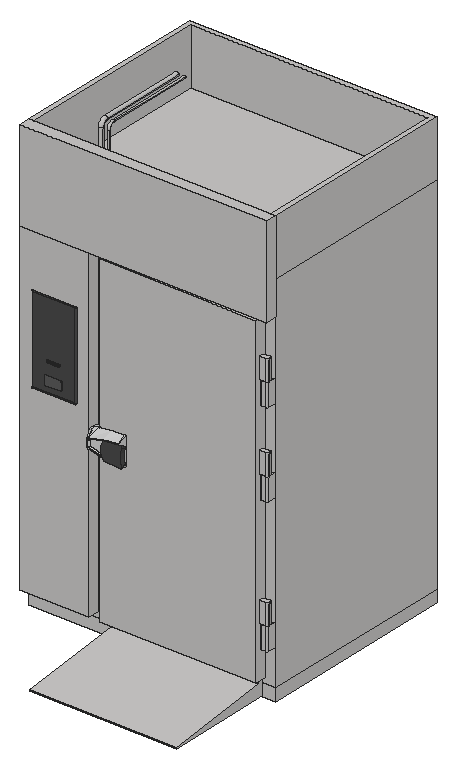
Revit family "QF_ALPENINOX_729268_ABFA22RFE", category Specialty Equipment, Revit 2018
Family settings
  Round Connector Dimension = Use Diameter
  Part Type = Normal
  Work Plane-Based = No
  Always vertical = Yes
  Cut with Voids When Loaded = No
  Shared = Yes
  Room Calculation Point = No
Parameters (values of type "QF_ALPENINOX_729268_ABFA22RFE.rfa")
  Weight = 438.00 kg
  Watts = 209.032 W
  Volts = 380 V
  URL Manufacturer = "http://www.alpeninox.com"
  URL = "http://www.alpeninox.com"
  Steam Supply Size = 0"
  Steam Supply Minimum Pressure = 0.00 psi
  Steam Supply Maximum Pressure = 0.00 psi
  Steam Pounds per Hour = 0
  Show Logo [instance] = yes
  Refrigeration Suction Line Size = 0.03937"
  Refrigeration Liquid Line Size = 0.07218"
  Refrigerant Compressor Remote = yes
  Phase = 3
  Model = "ABFA22RFE"
  Manufacturer = "Alpeninox"
  Length Actual = 1400 mm  # constant formula
  Item Number = "729268"
  Hot Water Size = 0"
  Height Actual = 2340 mm  # constant formula
  HP = "3 HP"
  Gas Size = 0"
  Gas KW = 0
  Gas Input Pressure = 0.0 Btu/h
  Description = "CRIO CHILL BLAST CHILLER FREEZER 200/170KG 20 GN 2/1 - INSULATED FLOOR - RAMP - REMOTE REFIGERATING UNIT"
  Depth Actual = 1266 mm  # constant formula
  Cycle = 60 Hz
  Condensate Return Size = 0"
  Compressed Air Volume = 0 GPM
  Compressed Air Size = 0"
  Compressed Air Pressure = 0.00 psi
  Cold Water Size = 0"
  Assembly Code = ""
  Show Clearance [instance] = yes
  Accessory = yes
Values of the unnamed type that differ from the named types
  Watts = 0 W
  Volts = 0 V
  URL Manufacturer = ""
  Item Number = ""
  HP = ""
  Cycle = 0 Hz
Reference planes
  plane 1 "BACK": y = 1
  plane 2: z = 0
  plane 3 "LEFT": x = 0
  plane 4 "RIGHT": x = 1400
  plane 5 "FRONT": y = -1205
  plane 6 "TOP": z = 2470
  plane 7 "Center Y": x = 700
  plane 8 "Center X": y = -602
  plane 9: y = -2155
Forms (mm)
  Extrusion 1, solid, material "QF_Clearance", visible <- "Show Clearance", detail levels coarse
    sketch origin (0, 0, 0) x (1, 0, 0) y (0, 1, 0)
      loop
        line (0, -1205) -> (0, 1) -> (1400, 1) -> (1400, -1205) -> (1500, -1205) -> (1500, 101) -> (-100, 101) -> (-100, -1205) -> (0, -1205)
    from 0 to 2670
  Extrusion 2, solid, material "QF_Finishes_Stainless Steel"
    sketch origin (349.253, 33, 700.991) x (-1, 0, 0) y (0, -1, 0)
      loop
        line (349.253, 1172.759) -> (349.253, 1238) -> (-39.747, 1238) -> (-39.747, 1172.759) -> (349.253, 1172.759)
    from -597 to 1254
  Extrusion 3, solid, material "QF_Finishes_Stainless Steel"
    sketch origin (596.16, 27.971, 0) x (1, 0, 0) y (0, 1, 0)
      loop
        line (743.84, -1172.971) -> (-141.16, -1172.971) -> (-141.16, -1232.971) -> (743.84, -1232.971) -> (743.84, -1172.971)
    from 103.991 to 1945.25
  Extrusion 4, solid, material "QF_Door-Drawer Clearances", visible <- "Show Clearance", detail levels coarse
    sketch origin (875, -72.029, -21.802) x (-1, 0, 0) y (0, -1, 0)
      loop
        line (-465, 2025.971) -> (-465, 1132.971) -> (420, 1132.971)
        arc (420, 1132.971) -> (153.836, 1754.227) -> (-465, 2025.971) r 920
    from 125.793 to 1967.052
  Extrusion 5, solid, material "QF_Finishes_Stainless Steel"
    sketch origin (0, 0, 0) x (0, 1, 0) y (0, 0, 1)
      loop
        line (-1158.451, 70.453) -> (-1741.451, 1.966) -> (-1741.451, 0) -> (-1158.451, 0) -> (-1158.451, 70.453)
    from 485 to 1320
  Extrusion 6, solid, material "QF_Finishes_Stainless Steel"
    sketch origin (0, 0, 0) x (0, 1, 0) y (0, 0, 1)
      loop
        line (-1139, 70) -> (-1139, 0) -> (1, 0) -> (1, 70) -> (-1139, 70)
    from 0 to 1400
  Extrusion 7, solid, material "QF_Finishes_Stainless Steel"
    sketch origin (0, -1139.759, 70) x (0, 1, 0) y (-1, 0, 0)
      loop
        line (1140.759, 0) -> (0.759, 0) -> (0.759, -1400) -> (1140.759, -1400) -> (1140.759, 0)
    from 0 to 2080
  Extrusion 8, solid, material "QF_Finishes_Stainless Steel"
    sketch origin (0, 0, 0) x (0, 1, 0) y (0, 0, 1)
      loop
        line (-1139, 2470) -> (-1205, 2470) -> (-1205, 1956) -> (-1139, 1956) -> (-1139, 2470)
    from 0 to 1400
  Extrusion 9, solid, material "QF_Finishes_Stainless Steel"
    sketch origin (0, -1139.759, 2150) x (0, 1, 0) y (-1, 0, 0)
      loop
        line (1140.759, 0) -> (0.759, 0) -> (0.759, -27.807) -> (1112.952, -27.807) -> (1112.952, -1372.193) -> (0.759, -1372.193) -> (0.759, -1400) -> (1140.759, -1400) -> (1140.759, 0)
    from 0 to 320
  Extrusion 10, solid, material "QF_Finishes_Stainless Steel"
    sketch origin (0, 0, 0) x (0, 1, 0) y (0, 0, 1)
      loop
        line (-1139, 92) -> (-1158.451, 92) -> (-1158.451, 0) -> (-1139, 0) -> (-1139, 92)
    from 485 to 1320
  Extrusion 11, solid, material "QF_Clearance", visible <- "Show Clearance", detail levels coarse
    sketch origin (0, 0, 2470) x (-1, 0, 0) y (0, -1, 0)
      loop
        line (0, 1205) -> (-1400, 1205) -> (-1400, -1) -> (0, -1) -> (0, 1205)
    from 0 to 200
  Extrusion 12, solid, material "QF_Finishes_Stainless Steel"
    sketch origin (-390.239, -0.977, 1242.559) x (1, 0, 0) y (0, 1, 0)
      loop
        line (1730.239, -1159.557) -> (1730.239, -1186.759) -> (1771.078, -1186.759)
        arc (1771.078, -1186.759) -> (1778.149, -1183.83) -> (1781.078, -1176.759) r 10
        line (1781.078, -1176.759) -> (1781.078, -1169.557)
        arc (1781.078, -1169.557) -> (1778.149, -1162.486) -> (1771.078, -1159.557) r 10
        line (1771.078, -1159.557) -> (1730.239, -1159.557)
    from 398 to 516
  Extrusion 13, solid, material "QF_Finishes_Stainless Steel"
    sketch origin (-388.989, -0.977, 1242.559) x (1, 0, 0) y (0, 1, 0)
      loop
        line (1779.828, -1138.023) -> (1738.215, -1138.023) -> (1738.215, -1176.759)
        arc (1738.215, -1176.759) -> (1741.143, -1183.83) -> (1748.215, -1186.759) r 10
        line (1748.215, -1186.759) -> (1769.828, -1186.759)
        arc (1769.828, -1186.759) -> (1776.899, -1183.83) -> (1779.828, -1176.759) r 10
        line (1779.828, -1176.759) -> (1779.828, -1138.023)
    from 269 to 396
  Extrusion 14, solid, material "QF_Finishes_Handrails and Railings"
    sketch origin (0, -1205, -69.705) x (-1, 0, 0) y (0, 0, 1)
      loop
        arc (-455, 1022.346) -> (-433.392, 1027.289) -> (-413, 1035.976) r 124.815
        arc (-413, 1035.976) -> (-402.037, 1046.425) -> (-398, 1061.023) r 28.412
        line (-398, 1061.023) -> (-398, 1124.287)
        arc (-398, 1124.287) -> (-402.037, 1138.885) -> (-413, 1149.334) r 28.412
        arc (-413, 1149.334) -> (-433.392, 1158.021) -> (-455, 1162.964) r 124.815
        line (-455, 1162.964) -> (-455, 1022.346)
    from 0 to 25
  Extrusion 15, solid, material "QF_Finishes_Stainless Steel"
    sketch origin (0, 1, 0) x (1, 0, 0) y (0, 0, 1)
      loop
        circle (50.191, 2279.706) r 10
    from -2 to 0
  Extrusion 16, solid
    sketch origin (0, 0, 0) x (1, 0, 0) y (0, 1, 0)
      loop
        circle (271, -895) r 12.7
    from 180 to 190
  Sweep 17, solid, material "QF_Finishes_Stainless Steel"
    path in 3D
      loop
        line (196, -872.727, 2160) -> (196, -872.727, 2384.785)
        arc (196, -872.727, 2384.785) -> (196, -863.94, 2405.999) -> (196, -842.727, 2414.785) r 30
        line (196, -842.727, 2414.785) -> (196, -337, 2414.785)
    profile origin (196, -589.864, 2414.785) x (-1, 0, 0) y (0, 0, 1)
      loop
        circle (0, -0.785) r 11
  Sweep 18, solid, material "QF_Finishes_Stainless Steel"
    path in 3D
      loop
        line (239, -337, 2414) -> (239, -842.727, 2414)
        arc (239, -842.727, 2414) -> (239, -863.94, 2405.213) -> (239, -872.727, 2384) r 30
        line (239, -872.727, 2384) -> (239, -872.727, 2160)
    profile origin (239, -589.864, 2414) x (1, 0, 0) y (0, 0, 1)
      loop
        circle (0, 0) r 6
  Extrusion 19, solid, material "QF_Finishes_Stainless Steel"
    sketch origin (0, -1139.759, 2150) x (0, 1, 0) y (-1, 0, 0)
      loop
        line (272.791, -163.68) -> (262.791, -163.68)
        arc (262.791, -163.68) -> (252.185, -168.074) -> (247.791, -178.68) r 15
        line (247.791, -178.68) -> (247.791, -270.358)
        arc (247.791, -270.358) -> (252.185, -280.965) -> (262.791, -285.358) r 15
        line (262.791, -285.358) -> (272.791, -285.358)
        arc (272.791, -285.358) -> (283.398, -280.965) -> (287.791, -270.358) r 15
        line (287.791, -270.358) -> (287.791, -178.68)
        arc (287.791, -178.68) -> (283.398, -168.074) -> (272.791, -163.68) r 15
    from 0 to 10
  Blend 20, solid, material "QF_Finishes_Handrails and Railings"
    base sketch origin (0, -1205, -69.705) x (1, 0, 0) y (0, 0, 1)
      loop
        arc (455, 1162.964) -> (433.392, 1158.021) -> (413, 1149.334) r 124.815
        arc (413, 1149.334) -> (402.037, 1138.885) -> (398, 1124.287) r 28.412
        line (398, 1124.287) -> (398, 1061.023)
        arc (398, 1061.023) -> (402.037, 1046.425) -> (413, 1035.976) r 28.412
        arc (413, 1035.976) -> (433.392, 1027.289) -> (455, 1022.346) r 124.815
        arc (455, 1022.346) -> (524.77, 1014.896) -> (594.859, 1011.587) r 1185.63
        arc (594.859, 1011.587) -> (600.607, 1013.879) -> (603, 1019.586) r 8
        line (603, 1019.586) -> (603, 1165.724)
        arc (603, 1165.724) -> (600.607, 1171.431) -> (594.859, 1173.723) r 8
        arc (594.859, 1173.723) -> (524.77, 1170.414) -> (455, 1162.964) r 1185.63
    top sketch origin (0, -1205, -69.705) x (1, 0, 0) y (0, 0, 1)
      loop
        line (421, 1108.337) -> (421, 1076.973)
        arc (421, 1076.973) -> (423.295, 1069.915) -> (429.302, 1065.557) r 12
        arc (429.302, 1065.557) -> (515.086, 1044.22) -> (603, 1034.974) r 636.459
        line (603, 1034.974) -> (603, 1150.336)
        arc (603, 1150.336) -> (515.086, 1141.09) -> (429.302, 1119.753) r 636.459
        arc (429.302, 1119.753) -> (423.295, 1115.395) -> (421, 1108.337) r 12
    from 0 to 50
  Blend 21, void
    base sketch origin (0, -1255, -69.705) x (-1, 0, 0) y (0, 0, 1)
      loop
        arc (-430.843, 1114.996) -> (-515.866, 1136.151) -> (-603, 1145.333) r 631.459
        line (-603, 1145.333) -> (-603, 1039.977)
        arc (-603, 1039.977) -> (-515.866, 1049.159) -> (-430.843, 1070.314) r 631.459
        arc (-430.843, 1070.314) -> (-427.339, 1072.856) -> (-426, 1076.973) r 7
        line (-426, 1076.973) -> (-426, 1108.337)
        arc (-426, 1108.337) -> (-427.339, 1112.454) -> (-430.843, 1114.996) r 7
    top sketch origin (0, -1255, -69.705) x (-1, 0, 0) y (0, 0, 1)
      loop
        arc (-432.384, 1110.24) -> (-516.647, 1131.211) -> (-603, 1140.33) r 626.459
        line (-603, 1140.33) -> (-603, 1044.98)
        arc (-603, 1044.98) -> (-516.647, 1054.099) -> (-432.384, 1075.07) r 626.459
        arc (-432.384, 1075.07) -> (-431.382, 1075.797) -> (-431, 1076.973) r 2
        line (-431, 1076.973) -> (-431, 1108.337)
        arc (-431, 1108.337) -> (-431.382, 1109.513) -> (-432.384, 1110.24) r 2
    from 0 to 10
  Blend 22, solid, material "QF_Finishes_Black"
    base sketch origin (0, -1245, -69.705) x (1, 0, 0) y (0, 0, 1)
      loop
        arc (628.567, 1043.419) -> (622.014, 1092.655) -> (628.567, 1141.89) r 188.232
        arc (628.567, 1141.89) -> (627.358, 1147.991) -> (621.77, 1150.721) r 7
        arc (621.77, 1150.721) -> (572.304, 1148.509) -> (523.16, 1142.458) r 636.459
        arc (523.16, 1142.458) -> (507.711, 1092.655) -> (523.16, 1042.852) r 88
        arc (523.16, 1042.852) -> (572.304, 1036.801) -> (621.77, 1034.589) r 636.459
        arc (621.77, 1034.589) -> (627.358, 1037.319) -> (628.567, 1043.419) r 7
    top sketch origin (0, -1245, -69.705) x (1, 0, 0) y (0, 0, 1)
      loop
        arc (626.748, 1050.703) -> (622.014, 1092.655) -> (626.748, 1134.607) r 188.232
        arc (626.748, 1134.607) -> (625.775, 1138.85) -> (621.845, 1140.722) r 5
        arc (621.845, 1140.722) -> (569.023, 1138.185) -> (516.603, 1131.203) r 626.459
        arc (516.603, 1131.203) -> (507.711, 1092.655) -> (516.603, 1054.107) r 88
        arc (516.603, 1054.107) -> (569.023, 1047.124) -> (621.845, 1044.588) r 626.459
        arc (621.845, 1044.588) -> (625.775, 1046.46) -> (626.748, 1050.703) r 5
    from 20 to 0
  Extrusion 23, solid, material "QF_Finishes_Stainless Steel"
    sketch origin (-390.239, -0.977, 762.559) x (1, 0, 0) y (0, 1, 0)
      loop
        line (1730.239, -1159.557) -> (1730.239, -1186.759) -> (1771.078, -1186.759)
        arc (1771.078, -1186.759) -> (1778.149, -1183.83) -> (1781.078, -1176.759) r 10
        line (1781.078, -1176.759) -> (1781.078, -1169.557)
        arc (1781.078, -1169.557) -> (1778.149, -1162.486) -> (1771.078, -1159.557) r 10
        line (1771.078, -1159.557) -> (1730.239, -1159.557)
    from 398 to 516
  Extrusion 24, solid, material "QF_Finishes_Stainless Steel"
    sketch origin (-388.989, -0.977, 762.559) x (1, 0, 0) y (0, 1, 0)
      loop
        line (1779.828, -1138.023) -> (1738.215, -1138.023) -> (1738.215, -1176.759)
        arc (1738.215, -1176.759) -> (1741.143, -1183.83) -> (1748.215, -1186.759) r 10
        line (1748.215, -1186.759) -> (1769.828, -1186.759)
        arc (1769.828, -1186.759) -> (1776.899, -1183.83) -> (1779.828, -1176.759) r 10
        line (1779.828, -1176.759) -> (1779.828, -1138.023)
    from 269 to 396
  Extrusion 25, solid, material "QF_Finishes_Stainless Steel"
    sketch origin (-390.239, -0.977, 2.559) x (1, 0, 0) y (0, 1, 0)
      loop
        line (1730.239, -1159.557) -> (1730.239, -1186.759) -> (1771.078, -1186.759)
        arc (1771.078, -1186.759) -> (1778.149, -1183.83) -> (1781.078, -1176.759) r 10
        line (1781.078, -1176.759) -> (1781.078, -1169.557)
        arc (1781.078, -1169.557) -> (1778.149, -1162.486) -> (1771.078, -1159.557) r 10
        line (1771.078, -1159.557) -> (1730.239, -1159.557)
    from 398 to 516
  Extrusion 26, solid, material "QF_Finishes_Stainless Steel"
    sketch origin (-388.989, -0.977, 2.559) x (1, 0, 0) y (0, 1, 0)
      loop
        line (1779.828, -1138.023) -> (1738.215, -1138.023) -> (1738.215, -1176.759)
        arc (1738.215, -1176.759) -> (1741.143, -1183.83) -> (1748.215, -1186.759) r 10
        line (1748.215, -1186.759) -> (1769.828, -1186.759)
        arc (1769.828, -1186.759) -> (1776.899, -1183.83) -> (1779.828, -1176.759) r 10
        line (1779.828, -1176.759) -> (1779.828, -1138.023)
    from 269 to 396
  Extrusion 27, solid, material "QF_Door-Drawer Clearances", visible <- "Show Clearance", detail levels coarse
    sketch origin (167.029, -1956.84, 0) x (0, 1, 0) y (-1, 0, 0)
      loop
        line (751.84, -1172.971) -> (-141.16, -1172.971) -> (-141.16, -1232.971) -> (751.84, -1232.971) -> (751.84, -1172.971)
    from 103.991 to 1945.25
  Extrusion 28, solid, material "QF_Door-Drawer Clearances", visible <- "Show Clearance", detail levels coarse
    sketch origin (1400, -2553, -69.705) x (0, -1, 0) y (0, 0, 1)
      loop
        arc (-455, 1022.346) -> (-433.392, 1027.289) -> (-413, 1035.976) r 124.815
        arc (-413, 1035.976) -> (-402.037, 1046.425) -> (-398, 1061.023) r 28.412
        line (-398, 1061.023) -> (-398, 1124.287)
        arc (-398, 1124.287) -> (-402.037, 1138.885) -> (-413, 1149.334) r 28.412
        arc (-413, 1149.334) -> (-433.392, 1158.021) -> (-455, 1162.964) r 124.815
        line (-455, 1162.964) -> (-455, 1022.346)
    from 0 to 25
  Blend 29, solid, material "QF_Door-Drawer Clearances", visible <- "Show Clearance", detail levels coarse
    base sketch origin (1400, -2553, -69.705) x (0, 1, 0) y (0, 0, 1)
      loop
        arc (455, 1162.964) -> (433.392, 1158.021) -> (413, 1149.334) r 124.815
        arc (413, 1149.334) -> (402.037, 1138.885) -> (398, 1124.287) r 28.412
        line (398, 1124.287) -> (398, 1061.023)
        arc (398, 1061.023) -> (402.037, 1046.425) -> (413, 1035.976) r 28.412
        arc (413, 1035.976) -> (433.392, 1027.289) -> (455, 1022.346) r 124.815
        arc (455, 1022.346) -> (524.77, 1014.896) -> (594.859, 1011.587) r 1185.63
        arc (594.859, 1011.587) -> (600.607, 1013.879) -> (603, 1019.586) r 8
        line (603, 1019.586) -> (603, 1165.724)
        arc (603, 1165.724) -> (600.607, 1171.431) -> (594.859, 1173.723) r 8
        arc (594.859, 1173.723) -> (524.77, 1170.414) -> (455, 1162.964) r 1185.63
    top sketch origin (1400, -2553, -69.705) x (0, 1, 0) y (0, 0, 1)
      loop
        line (421, 1108.337) -> (421, 1076.973)
        arc (421, 1076.973) -> (423.295, 1069.915) -> (429.302, 1065.557) r 12
        arc (429.302, 1065.557) -> (515.086, 1044.22) -> (603, 1034.974) r 636.459
        line (603, 1034.974) -> (603, 1150.336)
        arc (603, 1150.336) -> (515.086, 1141.09) -> (429.302, 1119.753) r 636.459
        arc (429.302, 1119.753) -> (423.295, 1115.395) -> (421, 1108.337) r 12
    from 0 to 50
  Blend 30, void
    base sketch origin (1450, -2553, -69.705) x (0, -1, 0) y (0, 0, 1)
      loop
        arc (-430.843, 1114.996) -> (-515.866, 1136.151) -> (-603, 1145.333) r 631.459
        line (-603, 1145.333) -> (-603, 1039.977)
        arc (-603, 1039.977) -> (-515.866, 1049.159) -> (-430.843, 1070.314) r 631.459
        arc (-430.843, 1070.314) -> (-427.339, 1072.856) -> (-426, 1076.973) r 7
        line (-426, 1076.973) -> (-426, 1108.337)
        arc (-426, 1108.337) -> (-427.339, 1112.454) -> (-430.843, 1114.996) r 7
    top sketch origin (1450, -2553, -69.705) x (0, -1, 0) y (0, 0, 1)
      loop
        arc (-432.384, 1110.24) -> (-516.647, 1131.211) -> (-603, 1140.33) r 626.459
        line (-603, 1140.33) -> (-603, 1044.98)
        arc (-603, 1044.98) -> (-516.647, 1054.099) -> (-432.384, 1075.07) r 626.459
        arc (-432.384, 1075.07) -> (-431.382, 1075.797) -> (-431, 1076.973) r 2
        line (-431, 1076.973) -> (-431, 1108.337)
        arc (-431, 1108.337) -> (-431.382, 1109.513) -> (-432.384, 1110.24) r 2
    from 0 to 10
  Blend 31, solid, material "QF_Door-Drawer Clearances", visible <- "Show Clearance", detail levels coarse
    base sketch origin (1440, -2553, -69.705) x (0, 1, 0) y (0, 0, 1)
      loop
        arc (628.567, 1043.419) -> (622.014, 1092.655) -> (628.567, 1141.89) r 188.232
        arc (628.567, 1141.89) -> (627.358, 1147.991) -> (621.77, 1150.721) r 7
        arc (621.77, 1150.721) -> (572.304, 1148.509) -> (523.16, 1142.458) r 636.459
        arc (523.16, 1142.458) -> (507.711, 1092.655) -> (523.16, 1042.852) r 88
        arc (523.16, 1042.852) -> (572.304, 1036.801) -> (621.77, 1034.589) r 636.459
        arc (621.77, 1034.589) -> (627.358, 1037.319) -> (628.567, 1043.419) r 7
    top sketch origin (1440, -2553, -69.705) x (0, 1, 0) y (0, 0, 1)
      loop
        arc (626.748, 1050.703) -> (622.014, 1092.655) -> (626.748, 1134.607) r 188.232
        arc (626.748, 1134.607) -> (625.775, 1138.85) -> (621.845, 1140.722) r 5
        arc (621.845, 1140.722) -> (569.023, 1138.185) -> (516.603, 1131.203) r 626.459
        arc (516.603, 1131.203) -> (507.711, 1092.655) -> (516.603, 1054.107) r 88
        arc (516.603, 1054.107) -> (569.023, 1047.124) -> (621.845, 1044.588) r 626.459
        arc (621.845, 1044.588) -> (625.775, 1046.46) -> (626.748, 1050.703) r 5
    from 20 to -1
Cuts and joins
  joined: Extrusion 1, Extrusion 11
  joined: Extrusion 5, Extrusion 10
  Blend 21 cuts Extrusion 3
  joined: Extrusion 3, Extrusion 12, Extrusion 23, Extrusion 25
  Blend 21 cuts Extrusion 7
  joined: Extrusion 7, Extrusion 13, Sweep 17, Sweep 18, Extrusion 19, Extrusion 24, Extrusion 26
  Blend 21, Blend 30 cuts Extrusion 14
  Blend 21, Blend 30 cuts Blend 20
  joined: Extrusion 14, Blend 20
  Blend 30 cuts Extrusion 4
  Blend 30 cuts Blend 29
  joined: Extrusion 4, Extrusion 27, Extrusion 28, Blend 29, Blend 31
  joined: Extrusion 9, Extrusion 15
Lines and regions (mm)
  symbolic lines, style "QF-Clearances", visible <- "Show Clearance", detail levels coarse
    curve 1: line (-100, -1204.241, 70) -> (-100, 101, 70)
    curve 2: line (-100, 101, 70) -> (1500, 101, 70)
    curve 3: line (1500, 101, 70) -> (1500, -1204.241, 70)
  symbolic lines
    curve 4: line (1320, -1205, 70) -> (1320, -1741.451, 70)
    curve 5: line (1320, -1741.451, 70) -> (485, -1741.451, 70)
    curve 6: line (485, -1741.451, 70) -> (485, -1255, 70)
    curve 13: line (185, -336.968, 70) -> (207, -336.968, 70)
    curve 14: line (207, -336.968, 70) -> (207, -871.942, 70)
    curve 15: line (233, -872.727, 70) -> (233, -337, 70)
    curve 16: line (233, -337, 70) -> (245, -337, 70)
    curve 17: line (245, -337, 70) -> (245, -872.727, 70)
    curve 18: line (245, -851.968, 70) -> (270.358, -851.968, 70)
    curve 19: arc (285.358, -866.968, 70) -> (280.965, -856.361, 70) -> (270.358, -851.968, 70) r 15
    curve 20: line (285.358, -876.968, 70) -> (285.358, -866.968, 70)
    curve 21: arc (270.358, -891.968, 70) -> (280.965, -887.575, 70) -> (285.358, -876.968, 70) r 15
    curve 22: line (178.68, -891.968, 70) -> (270.358, -891.968, 70)
    curve 23: arc (163.68, -876.968, 70) -> (168.074, -887.575, 70) -> (178.68, -891.968, 70) r 15
    curve 24: line (163.68, -866.968, 70) -> (163.68, -876.968, 70)
    curve 25: arc (178.68, -851.968, 70) -> (168.074, -856.361, 70) -> (163.68, -866.968, 70) r 15
    curve 26: arc (207, -871.942, 70) -> (196, -882.942, 70) -> (185, -871.942, 70) r 11
    curve 27: arc (233, -872.727, 70) -> (239, -878.727, 70) -> (245, -872.727, 70) r 6
    curve 28: line (178.68, -851.968, 70) -> (185, -851.968, 70)
    curve 29: line (185, -336.968, 70) -> (185, -871.942, 70)
    curve 30: line (207, -851.968, 70) -> (233, -851.968, 70)
    curve 31: line (0, 1, 70) -> (1400, 1, 70)
    curve 32: line (0, -1205, 70) -> (0, 1, 70)
    curve 33: line (1400, -1205, 70) -> (0, -1205, 70)
    curve 34: line (1400, 1, 70) -> (1400, -1205, 70)
    curve 35: line (27.807, -26.807, 70) -> (1372.193, -26.807, 70)
    curve 36: line (27.807, -1139, 70) -> (27.807, -26.807, 70)
    curve 37: line (1400, -1139, 70) -> (0, -1139, 70)
    curve 38: line (1372.193, -26.807, 70) -> (1372.193, -1139, 70)
    curve 39: line (75.5, -1210, 70) -> (313.5, -1210, 70)
    curve 40: line (75.5, -1210, 70) -> (67.5, -1205, 70)
    curve 41: line (313.5, -1210, 70) -> (321.5, -1205, 70)
    curve 42: line (421, -1255, 70) -> (398, -1205, 70)
    curve 43: line (421, -1255, 70) -> (603, -1255, 70)
    curve 44: line (603, -1255, 70) -> (603, -1205, 70)
    curve 45: line (603, -1245, 70) -> (626.748, -1245, 70)
    curve 46: line (626.748, -1245, 70) -> (628.811, -1265, 70)
    curve 47: line (628.811, -1265, 70) -> (507.711, -1265, 70)
    curve 48: line (507.711, -1265, 70) -> (507.711, -1255, 70)
  sketch lines
    curve 7: line (196, -842.727, 2414.785) -> (196, -337, 2414.785)
    curve 8: arc (196, -872.727, 2384.785) -> (196, -863.94, 2405.999) -> (196, -842.727, 2414.785) r 30
    curve 9: line (196, -872.727, 2160) -> (196, -872.727, 2384.785)
    curve 10: line (239, -337, 2414) -> (239, -842.727, 2414)
    curve 11: arc (239, -842.727, 2414) -> (239, -863.94, 2405.213) -> (239, -872.727, 2384) r 30
    curve 12: line (239, -872.727, 2384) -> (239, -872.727, 2160)
  symbolic lines, style "QF_Door-Drawer Clearances", visible <- "Show Clearance"
    curve 49: line (1450, -2132, 70) -> (1400, -2155, 70)
    curve 50: line (1450, -2132, 70) -> (1450, -1950, 70)
    curve 51: line (1450, -1950, 70) -> (1400, -1950, 70)
    curve 52: line (1439, -1950, 70) -> (1439, -1926.126, 70)
    curve 53: line (1439, -1926.126, 70) -> (1460, -1924.189, 70)
    curve 54: line (1460, -1924.189, 70) -> (1460, -2045.289, 70)
    curve 55: line (1460, -2045.289, 70) -> (1450, -2045.289, 70)
    curve 56: line (1375, -2098, 70) -> (1375, -2155, 70)
    curve 57: line (1340, -2098, 70) -> (1400, -2098, 70)
    curve 58: arc (457.796, -1255, 70) -> (739.031, -1843.801, 70) -> (1340, -2098, 70) r 920
    curve 59: line (1400, -2155, 70) -> (1375, -2155, 70)
    curve 60: line (1400, -2098, 70) -> (1400, -1205, 70)
    curve 61: line (1340, -2098, 70) -> (1340, -1205, 70)
Dimensions and locks
  plane 5 "FRONT" to plane 1 "BACK" = 1206 mm
  plane 6 "TOP" to level = 2470 mm
  plane 4 "RIGHT" to plane 3 "LEFT" = 1400 mm
  plane 3 "LEFT" to plane 4 "RIGHT" = 1400 mm
  equal spacing: plane 3 "LEFT", plane 7 "Center Y", plane 4 "RIGHT"
  equal spacing: plane 1 "BACK", plane 8 "Center X", plane 5 "FRONT"
  Extrusion 5 sketch curve to Extrusion 5 sketch curve = 583 mm
  Extrusion 4 sketch curve to plane 1 "BACK" = 2099 mm
  Extrusion 16 sketch curve to plane 1 "BACK" = 896 mm
  plane 3 "LEFT" to Extrusion 16 sketch curve = 271 mm
  angle Extrusion 5 sketch curve to Extrusion 5 sketch curve = 6.70°
  aligned and locked: level to plane 2
Automatic sketch dimensions
  plane 5 "FRONT" to Extrusion 1 sketch curve = 0 mm  (x2)
  Extrusion 1 sketch curve to plane 3 "LEFT" = 0 mm
  plane 1 "BACK" to Extrusion 1 sketch curve = 0 mm
  Extrusion 1 sketch curve to plane 4 "RIGHT" = 0 mm
  Extrusion 1 sketch curve to plane 3 "LEFT" = 100 mm
  plane 4 "RIGHT" to Extrusion 1 sketch curve = 100 mm
  Extrusion 1 sketch curve to plane 1 "BACK" = 100 mm
  plane 5 "FRONT" to Extrusion 2 sketch curve = 0 mm
  Extrusion 2 sketch curve to plane 3 "LEFT" = 0 mm
  Extrusion 2 sketch curve to plane 5 "FRONT" = 65.241 mm
  plane 5 "FRONT" to Extrusion 3 sketch curve = 0 mm
  Extrusion 3 sketch curve to plane 5 "FRONT" = 60 mm
  Extrusion 3 sketch curve to plane 4 "RIGHT" = 60 mm
  Extrusion 5 sketch curve to level = 0 mm
  level to Extrusion 5 sketch curve = 1.966 mm
  Extrusion 5 sketch curve to plane 9 = 413.549 mm
  Extrusion 6 sketch curve to level = 0 mm
  Extrusion 6 sketch curve to plane 1 "BACK" = 0 mm
  Extrusion 6 sketch curve to plane 5 "FRONT" = 66 mm
  Extrusion 6 sketch curve to Extrusion 6 sketch curve = 70 mm
  Extrusion 7 sketch curve to Extrusion 6 = 0 mm  (x3)
  Extrusion 6 to Extrusion 7 sketch curve = 0 mm
  Extrusion 8 sketch curve to plane 5 "FRONT" = 0 mm
  Extrusion 8 sketch curve to plane 6 "TOP" = 0 mm
  Extrusion 8 sketch curve to plane 5 "FRONT" = 66 mm
  Extrusion 8 sketch curve to Extrusion 8 sketch curve = 514 mm
  Extrusion 7 to Extrusion 9 sketch curve = 0 mm
  Extrusion 9 sketch curve to Extrusion 7 = 0 mm  (x4)
  Extrusion 9 sketch curve to Extrusion 7 = 27.807 mm  (x3)
  Extrusion 10 sketch curve to level = 0 mm
  Extrusion 10 sketch curve to plane 5 "FRONT" = 46.549 mm
  Extrusion 10 sketch curve to Extrusion 10 sketch curve = 19.451 mm
  Extrusion 10 sketch curve to Extrusion 10 sketch curve = 92 mm
  Extrusion 11 sketch curve to plane 4 "RIGHT" = 0 mm
  plane 1 "BACK" to Extrusion 11 sketch curve = 0 mm
  Extrusion 11 sketch curve to plane 3 "LEFT" = 0 mm
  plane 5 "FRONT" to Extrusion 11 sketch curve = 0 mm
  Extrusion 12 sketch curve to plane 5 "FRONT" = 17.264 mm
  Extrusion 12 sketch curve to plane 4 "RIGHT" = 60 mm
  Extrusion 12 sketch curve to plane 4 "RIGHT" = 19.161 mm
  Extrusion 12 sketch curve to Extrusion 12 sketch curve = 0 mm
  Extrusion 12 sketch curve to plane 4 "RIGHT" = 9.161 mm
  Extrusion 12 sketch curve to Extrusion 12 sketch curve = 7.202 mm
  Extrusion 13 sketch curve to plane 5 "FRONT" = 27.264 mm
  Extrusion 13 sketch curve to plane 4 "RIGHT" = 50.775 mm
  Extrusion 13 sketch curve to Extrusion 13 sketch curve = 10 mm
  Extrusion 13 sketch curve to plane 4 "RIGHT" = 19.161 mm
  Extrusion 13 sketch curve to plane 4 "RIGHT" = 9.161 mm
  Extrusion 13 sketch curve to Extrusion 13 sketch curve = 38.736 mm
  plane 7 "Center Y" to Extrusion 14 sketch curve = 228.081 mm
  Extrusion 14 sketch curve to Extrusion 14 sketch curve = 0 mm
  Extrusion 14 sketch curve to Extrusion 14 sketch curve = 16.919 mm
  Extrusion 14 sketch curve to Extrusion 14 sketch curve = 28.588 mm  (x2)
  Extrusion 14 sketch curve to Extrusion 14 sketch curve = 28.412 mm
  level to Extrusion 14 sketch curve = 952.641 mm
  Extrusion 14 sketch curve to Extrusion 14 sketch curve = 16.954 mm  (x2)
  Extrusion 14 sketch curve to Extrusion 14 sketch curve = 38.676 mm
  Extrusion 14 sketch curve to Extrusion 14 sketch curve = 63.265 mm
  Extrusion 14 sketch curve to Extrusion 14 sketch curve = 21.722 mm
  Sweep 17 sketch curve to profile plane = 0 mm
  Sweep 17 sketch curve to profile plane = 0.785 mm
  profile plane to Sweep 18 sketch curve = 0 mm
  Sweep 18 sketch curve to profile plane = 0 mm
  Extrusion 19 sketch curve to Extrusion 7 = 247.032 mm
  Extrusion 19 sketch curve to Extrusion 19 sketch curve = 15 mm  (x3)
  Extrusion 19 sketch curve to Extrusion 19 sketch curve = 10 mm  (x2)
  Extrusion 19 sketch curve to Extrusion 7 = 285.358 mm
  Extrusion 19 sketch curve to Extrusion 19 sketch curve = 91.678 mm
  Blend 20 sketch curve to Extrusion 14 = 0 mm  (x4)
  Blend 20 sketch curve to Extrusion 14 = 28.412 mm
  Blend 20 sketch curve to Blend 20 sketch curve = 123.081 mm  (x2)
  Blend 20 sketch curve to Blend 20 sketch curve = 8 mm
  Extrusion 14 to Blend 20 sketch curve = 160.712 mm  (x2)
  Blend 20 sketch curve to Blend 20 sketch curve = 19.715 mm  (x2)
  Blend 20 sketch curve to Blend 20 sketch curve = 38.676 mm
  Blend 20 sketch curve to Extrusion 14 = 23 mm
  Blend 20 sketch curve to Blend 20 sketch curve = 12 mm  (x2)
  Extrusion 14 to Blend 20 sketch curve = 148 mm
  Extrusion 14 to Blend 20 sketch curve = 170.45 mm  (x2)
  Blend 20 sketch curve to Blend 20 sketch curve = 520.701 mm  (x2)
  Blend 20 sketch curve to Blend 20 sketch curve = 41.999 mm
  Blend 20 sketch curve to Blend 20 sketch curve = 31.364 mm
  Blend 20 sketch curve to Blend 20 sketch curve = 115.362 mm
  Blend 20 to Blend 21 sketch curve = 0 mm  (x2)
  Blend 21 sketch curve to Blend 21 sketch curve = 7 mm
  Blend 21 sketch curve to Blend 21 sketch curve = 31.364 mm  (x2)
  Blend 21 sketch curve to Blend 21 sketch curve = 2 mm
  Blend 21 to Blend 22 sketch curve = 18.811 mm  (x2)
  Blend 22 sketch curve to Blend 21 = 7.289 mm  (x2)
  Blend 22 sketch curve to Blend 22 sketch curve = 188.435 mm
  Blend 22 sketch curve to Blend 22 sketch curve = 7 mm  (x2)
  Blend 22 sketch curve to Blend 22 sketch curve = 51.066 mm  (x2)
  Blend 22 sketch curve to Blend 22 sketch curve = 0 mm  (x6)
  Blend 22 sketch curve to Blend 21 = 79.84 mm
  Blend 21 to Blend 22 sketch curve = 18.874 mm  (x2)
  Blend 22 sketch curve to Blend 22 sketch curve = 188.371 mm
  Blend 22 sketch curve to Blend 22 sketch curve = 5 mm  (x2)
  Blend 22 sketch curve to Blend 22 sketch curve = 43.067 mm  (x2)
  Blend 22 sketch curve to Blend 21 = 85.603 mm
  Extrusion 23 sketch curve to plane 5 "FRONT" = 17.264 mm
  Extrusion 23 sketch curve to plane 4 "RIGHT" = 60 mm
  Extrusion 23 sketch curve to plane 4 "RIGHT" = 19.161 mm
  Extrusion 23 sketch curve to Extrusion 23 sketch curve = 0 mm
  Extrusion 23 sketch curve to plane 4 "RIGHT" = 9.161 mm
  Extrusion 23 sketch curve to Extrusion 23 sketch curve = 7.202 mm
  Extrusion 24 sketch curve to plane 5 "FRONT" = 27.264 mm
  Extrusion 24 sketch curve to plane 4 "RIGHT" = 50.775 mm
  Extrusion 24 sketch curve to Extrusion 24 sketch curve = 10 mm
  Extrusion 24 sketch curve to plane 4 "RIGHT" = 19.161 mm
  Extrusion 24 sketch curve to plane 4 "RIGHT" = 9.161 mm
  Extrusion 24 sketch curve to Extrusion 24 sketch curve = 38.736 mm
  Extrusion 25 sketch curve to plane 5 "FRONT" = 17.264 mm
  Extrusion 25 sketch curve to plane 4 "RIGHT" = 60 mm
  Extrusion 25 sketch curve to plane 4 "RIGHT" = 19.161 mm
  Extrusion 25 sketch curve to Extrusion 25 sketch curve = 0 mm
  Extrusion 25 sketch curve to plane 4 "RIGHT" = 9.161 mm
  Extrusion 25 sketch curve to Extrusion 25 sketch curve = 7.202 mm
  Extrusion 26 sketch curve to plane 5 "FRONT" = 27.264 mm
  Extrusion 26 sketch curve to plane 4 "RIGHT" = 50.775 mm
  Extrusion 26 sketch curve to Extrusion 26 sketch curve = 10 mm
  Extrusion 26 sketch curve to plane 4 "RIGHT" = 19.161 mm
  Extrusion 26 sketch curve to plane 4 "RIGHT" = 9.161 mm
  Extrusion 26 sketch curve to Extrusion 26 sketch curve = 38.736 mm
  Extrusion 27 sketch curve to plane 9 = 57 mm
  plane 5 "FRONT" to Extrusion 27 sketch curve = 0 mm
  Extrusion 27 sketch curve to plane 7 "Center Y" = 700 mm
  Extrusion 27 sketch curve to Extrusion 27 sketch curve = 60 mm
  Extrusion 28 sketch curve to plane 9 = 73.919 mm
  Extrusion 28 sketch curve to Extrusion 28 sketch curve = 0 mm
  Extrusion 28 sketch curve to Extrusion 28 sketch curve = 16.919 mm
  Extrusion 28 sketch curve to Extrusion 28 sketch curve = 28.588 mm  (x2)
  Extrusion 28 sketch curve to Extrusion 28 sketch curve = 28.412 mm
  level to Extrusion 28 sketch curve = 952.641 mm
  Extrusion 28 sketch curve to Extrusion 28 sketch curve = 16.954 mm  (x2)
  Extrusion 28 sketch curve to Extrusion 28 sketch curve = 38.676 mm
  Extrusion 28 sketch curve to Extrusion 28 sketch curve = 63.265 mm
  Extrusion 28 sketch curve to Extrusion 28 sketch curve = 21.722 mm
  Blend 29 sketch curve to Extrusion 28 = 0 mm  (x4)
  Blend 29 sketch curve to Extrusion 28 = 28.412 mm
  Blend 29 sketch curve to Blend 29 sketch curve = 123.081 mm  (x2)
  Blend 29 sketch curve to Blend 29 sketch curve = 8 mm
  Extrusion 28 to Blend 29 sketch curve = 160.712 mm  (x2)
  Blend 29 sketch curve to Blend 29 sketch curve = 19.715 mm  (x2)
  Blend 29 sketch curve to Blend 29 sketch curve = 38.676 mm
  Blend 29 sketch curve to Extrusion 28 = 23 mm
  Blend 29 sketch curve to Blend 29 sketch curve = 12 mm  (x2)
  Extrusion 28 to Blend 29 sketch curve = 148 mm
  Extrusion 28 to Blend 29 sketch curve = 170.45 mm  (x2)
  Blend 29 sketch curve to Blend 29 sketch curve = 520.701 mm  (x2)
  Blend 29 sketch curve to Blend 29 sketch curve = 41.999 mm
  Blend 29 sketch curve to Blend 29 sketch curve = 31.364 mm
  Blend 29 sketch curve to Blend 29 sketch curve = 115.362 mm
  Blend 30 sketch curve to Blend 29 = 0 mm  (x2)
  Blend 30 sketch curve to Blend 30 sketch curve = 7 mm
  Blend 30 sketch curve to Blend 30 sketch curve = 31.364 mm  (x2)
  Blend 30 sketch curve to Blend 30 sketch curve = 2 mm
  Blend 30 to Blend 31 sketch curve = 18.811 mm  (x2)
  Blend 31 sketch curve to Blend 30 = 7.289 mm  (x2)
  Blend 31 sketch curve to Blend 31 sketch curve = 188.435 mm
  Blend 31 sketch curve to Blend 31 sketch curve = 7 mm  (x2)
  Blend 31 sketch curve to Blend 31 sketch curve = 51.066 mm  (x2)
  Blend 31 sketch curve to Blend 31 sketch curve = 0 mm  (x6)
  Blend 31 sketch curve to Blend 30 = 79.84 mm
  Blend 30 to Blend 31 sketch curve = 18.874 mm  (x2)
  Blend 31 sketch curve to Blend 31 sketch curve = 188.371 mm
  Blend 31 sketch curve to Blend 31 sketch curve = 5 mm  (x2)
  Blend 31 sketch curve to Blend 31 sketch curve = 43.067 mm  (x2)
  Blend 31 sketch curve to Blend 30 = 85.603 mm
  plane 5 "FRONT" to Extrusion 4 sketch curve = 0 mm
  Extrusion 4 sketch curve to plane 4 "RIGHT" = 60 mm
  Extrusion 4 sketch curve to Extrusion 4 sketch curve = 34.623 mm
  Extrusion 4 sketch curve to plane 5 "FRONT" = 26.348 mm
  plane 3 "LEFT" to Extrusion 15 sketch curve = 50.191 mm
  Extrusion 15 sketch curve to plane 6 "TOP" = 190.294 mm
  plane 7 "Center Y" to Extrusion 2 sketch curve = 311 mm
  plane 7 "Center Y" to Extrusion 3 sketch curve = 245 mm
  curve 49 to Extrusion 6 = 0 mm
  curve 51 to Extrusion 6 = 0 mm
  curve 33 to Extrusion 6 = 0 mm
  curve 31 to Extrusion 6 = 0 mm
  Extrusion 6 to curve 36 = 27.807 mm  (x2)
  Extrusion 6 to curve 13 = 337.968 mm
  curve 15 to curve 13 = 0.032 mm
  curve 28 to Extrusion 6 = 287.032 mm
  curve 28 to curve 18 = 0 mm
  curve 19 to curve 18 = 15 mm
  curve 25 to curve 25 = 15 mm
  curve 29 to curve 25 = 4.974 mm
  curve 17 to curve 18 = 20.759 mm
  curve 24 to curve 25 = 10 mm
  curve 21 to curve 19 = 10 mm
  curve 22 to curve 21 = 15 mm
  Extrusion 6 to curve 58 = 39.652 mm
  Extrusion 6 to curve 32 = 66 mm
  curve 41 to curve 41 = 5 mm
  curve 46 to curve 44 = 40 mm
  curve 42 to curve 42 = 50 mm
  curve 46 to curve 45 = 20 mm
  Extrusion 6 to curve 4 = 80 mm
  curve 4 to curve 4 = 536.451 mm
  curve 53 to Extrusion 6 = 60 mm
  curve 53 to curve 4 = 182.738 mm
  curve 53 to Extrusion 6 = 39 mm
  curve 53 to curve 53 = 1.937 mm
  curve 51 to curve 52 = 23.874 mm
  curve 55 to curve 50 = 95.289 mm
  Extrusion 6 to curve 57 = 60 mm
  curve 57 to curve 55 = 52.711 mm
  curve 50 to curve 57 = 34 mm
  Extrusion 6 to curve 56 = 25 mm
  curve 56 to curve 56 = 57 mm
  curve 2 to Extrusion 6 = 100 mm  (x2)
  curve 50 to curve 52 = 11 mm
  Extrusion 6 to curve 58 = 25.377 mm
  Extrusion 6 to curve 38 = 27.807 mm
  curve 47 to curve 58 = 171.015 mm
  curve 46 to curve 45 = 2.062 mm
  curve 45 to curve 44 = 23.748 mm
  curve 48 to curve 58 = 49.915 mm
  curve 47 to curve 6 = 22.711 mm
  curve 58 to curve 43 = 36.796 mm
  curve 42 to curve 41 = 107.5 mm
  Extrusion 6 to curve 20 = 285.358 mm
  curve 21 to curve 17 = 25.358 mm
  curve 17 to curve 27 = 6 mm
  curve 15 to curve 13 = 26 mm
  curve 14 to curve 26 = 11 mm
  curve 28 to curve 28 = 6.32 mm
  Extrusion 6 to curve 40 = 75.5 mm
  curve 1 to Extrusion 6 = 100 mm
  curve 30 to curve 18 = 0 mm
  Extrusion 6 to curve 36 = 0 mm
  Extrusion 6 to curve 1 = 65.241 mm
  Extrusion 6 to curve 3 = 65.241 mm
  curve 42 to curve 42 = 23 mm
  curve 41 to curve 39 = 8 mm
  curve 39 to curve 40 = 8 mm
  radius of Extrusion 16 sketch curve = 12.7 mm
  radius of Sweep 17 sketch curve = 11 mm
  radius of Sweep 18 sketch curve = 6 mm
  radius of Blend 20 sketch curve to Extrusion 14 = 0 mm  (x3)
  radius of Blend 21 sketch curve to Blend 20 = 5 mm  (x3)
  radius of Blend 21 sketch curve to Blend 20 = 10 mm  (x3)
  radius of Blend 21 to Blend 22 sketch curve = 10 mm  (x2)
  radius of Blend 22 sketch curve to Blend 21 = 0 mm  (x2)
  radius of Blend 29 sketch curve to Extrusion 28 = 0 mm  (x3)
  radius of Blend 30 sketch curve to Blend 29 = 5 mm  (x3)
  radius of Blend 30 sketch curve to Blend 29 = 10 mm  (x3)
  radius of Blend 30 to Blend 31 sketch curve = 10 mm  (x2)
  radius of Blend 31 sketch curve to Blend 30 = 0 mm  (x2)
  radius of Extrusion 15 sketch curve = 10 mm
Nested families
  nested 1: "ALP_Touch" at (194.5, -1205, 1408.103) x (1, 0, 0) z (0, -1, 0), type "ALP_Touch"
  nested 2: "ALP_Logo_XS" at (194.5, -1210, 1327.103) x (1, 0, 0) z (0, -1, 0), visible <- "Show Logo", type "ALP_Logo_XS"
Connectors
  piping at (271, -895, 180), diameter 25.4
    settings: on Extrusion 16, index 1, connector inside diameter 24", connector length 0 mm, flow factor 0, pipe flow 0 GPM, pressure drop 0.00 psi, fitting loss kfactor 0, connector angle 0.00°, fixture units 0, engagement length 0 mm, angle of deflection 0.00°, flow configuration 1, flow direction 1, fitting loss method 0, system type 16, joint type 0, gender type 0, connector reference index -1, connector utility 0, adjustable connector no, is connector primary yes, connector description "Drain"
  electrical at (50.191, 3, 2279.706), driven by "Volts"
    settings: on Extrusion 15, index 2, voltage 380 V, apparent load 0 VA, apparent load phase1 0 VA, apparent load phase2 0 VA, apparent load phase3 0 VA, power factor 1, load classification "Altro", number of poles 1, system type 30, power factor state 1, is connector primary yes, connector utility no, sub classification motor no, connector description "Electrical Connection"
  piping at (239, -337, 2414), diameter 12
    settings: on Sweep 18, index 3, connector inside diameter 24", connector length 0 mm, flow factor 0, pipe flow 0 GPM, pressure drop 0.00 psi, fitting loss kfactor 0, connector angle 0.00°, fixture units 0, engagement length 0 mm, angle of deflection 0.00°, flow configuration 1, flow direction 1, fitting loss method 0, system type 8, joint type 0, gender type 0, connector reference index -1, connector utility 0, adjustable connector no, is connector primary no, connector description "Refrigerant Outlet"
  piping at (196, -337, 2414), diameter 22
    settings: on Sweep 17, index 4, connector inside diameter 24", connector length 0 mm, flow factor 0, pipe flow 0 GPM, pressure drop 0.00 psi, fitting loss kfactor 0, connector angle 0.00°, fixture units 0, engagement length 0 mm, angle of deflection 0.00°, flow configuration 1, flow direction 1, fitting loss method 0, system type 7, joint type 0, gender type 0, connector reference index -1, connector utility 0, adjustable connector no, is connector primary no, connector description "Refrigerant Inlet"
Definition of nested family "ALP_Touch"
  Parameters
    Default Elevation = 1219.2 mm
  Reference planes
    plane 1 "Centro (Fronte/Retro)": y = 0
    plane 2: z = 0
    plane 3 "Centro (Sinistra/Destra)": x = 0
    plane 4: y = -81
  Forms (mm)
    Extrusion 1, solid
      sketch origin (0, 0, 0) x (1, 0, 0) y (0, 1, 0)
        loop
          line (-1219.2, 1219.2) -> (-1219.2, -1219.2) -> (1219.2, -1219.2) -> (1219.2, 1219.2) -> (-1219.2, 1219.2)
      from 0 to -304.8
    Extrusion 2, solid
      sketch origin (0, 0, 5) x (1, 0, 0) y (0, 1, 0)
        loop
          line (-47, -160) -> (-47, -202)
          arc (-47, -202) -> (-45.536, -205.535) -> (-42, -207) r 5
          line (-42, -207) -> (42, -207)
          arc (42, -207) -> (45.536, -205.535) -> (47, -202) r 5
          line (47, -202) -> (47, -160)
          arc (47, -160) -> (45.536, -156.465) -> (42, -155) r 5
          line (42, -155) -> (-42, -155)
          arc (-42, -155) -> (-45.536, -156.465) -> (-47, -160) r 5
      from 0 to 2
    Blend 3, solid
      base sketch origin (0, 0, 0) x (1, 0, 0) y (0, 1, 0)
        loop
          line (-127, 244) -> (-127, -244)
          arc (-127, -244) -> (-125.536, -247.536) -> (-122, -249) r 5
          line (-122, -249) -> (122, -249)
          arc (122, -249) -> (125.536, -247.536) -> (127, -244) r 5
          line (127, -244) -> (127, 244)
          arc (127, 244) -> (125.536, 247.536) -> (122, 249) r 5
          line (122, 249) -> (-122, 249)
          arc (-122, 249) -> (-125.536, 247.536) -> (-127, 244) r 5
      top sketch origin (0, 0, 0) x (1, 0, 0) y (0, 1, 0)
        loop
          line (-119, -241) -> (119, -241) -> (119, 241) -> (-119, 241) -> (-119, -241)
      from 0 to 5
  Lines and regions (mm)
    Split face 1
      outline origin (0, 0, 5) x (1, 0, 0) y (0, 1, 0)
        loop
          line (-70.506, 46.167) -> (70.506, 46.167) -> (70.506, 214.829) -> (-70.506, 214.829) -> (-70.506, 46.167)
    Split face 2
      outline origin (0, 0, 5) x (1, 0, 0) y (0, 1, 0)
        loop
          line (-47.467, 50.825) -> (47.467, 50.825) -> (47.467, 210.171) -> (-47.467, 210.171) -> (-47.467, 50.825)
    Split face 3
      outline origin (0, 0, 5) x (1, 0, 0) y (0, 1, 0)
        loop
          line (-116, 241) -> (-116, -241)
        loop
          line (116, -241) -> (116, 241)
    Split face 4
      outline origin (0, 0, 5) x (1, 0, 0) y (0, 1, 0)
        loop
          line (52.506, -63) -> (-52.506, -63)
          arc (-52.506, -63) -> (-70.506, -81) -> (-52.506, -99) r 18
          line (-52.506, -99) -> (52.506, -99)
          arc (52.506, -99) -> (70.506, -81) -> (52.506, -63) r 18
    Split face 5
      outline origin (0, 0, 5) x (1, 0, 0) y (0, 1, 0)
        loop
          arc (-52.506, -66) -> (-67.506, -81) -> (-52.506, -96) r 15
          line (-52.506, -96) -> (52.506, -96)
          arc (52.506, -96) -> (67.506, -81) -> (52.506, -66) r 15
          line (52.506, -66) -> (-52.506, -66)
  Dimensions and locks
    aligned and locked: plane 2 to Extrusion 1
    aligned and locked: level to Extrusion 1
Definition of nested family "ALP_Logo_XS"
  Parameters
    Default Elevation = 0 mm
  Reference planes
    plane 1 "Centro (Fronte/Retro)": y = 0
    plane 2: z = 0
    plane 3 "Centro (Sinistra/Destra)": x = 0
  Forms (mm)
    Extrusion 1, solid
      sketch origin (0, 0, 0) x (1, 0, 0) y (0, 1, 0)
        loop
          line (-1219.2, 1219.2) -> (-1219.2, -1219.2) -> (1219.2, -1219.2) -> (1219.2, 1219.2) -> (-1219.2, 1219.2)
      from 0 to -304.8
    Extrusion 2, solid
      sketch origin (17.793, -46.218, 0) x (-1, 0, 0) y (0, -1, 0)
        loop
          arc (56.029, -42.55) -> (55.919, -41.581) -> (55.073, -41.095) r 1.08
          line (55.073, -41.095) -> (54.045, -41.845) -> (53.618, -43.159) -> (49.653, -43.159) -> (49.224, -41.83) -> (48.183, -41.095)
          arc (48.183, -41.095) -> (47.402, -41.616) -> (47.313, -42.55) r 1.094
          line (47.313, -42.55) -> (50.109, -50.245)
          spline (50.109, -50.245) -> (50.175, -50.41) -> (50.254, -50.567) -> (50.343, -50.714) -> (50.444, -50.85) -> (50.556, -50.974) -> (50.679, -51.085) -> (50.813, -51.182) -> (50.957, -51.264) -> (51.112, -51.329) -> (51.277, -51.377) -> (51.452, -51.407) -> (51.636, -51.417)
          spline (51.636, -51.417) -> (51.814, -51.407) -> (51.984, -51.375) -> (52.146, -51.325) -> (52.3, -51.258) -> (52.445, -51.174) -> (52.58, -51.075) -> (52.705, -50.962) -> (52.819, -50.837) -> (52.923, -50.702) -> (53.015, -50.557) -> (53.095, -50.405) -> (53.163, -50.245)
          line (53.163, -50.245) -> (56.029, -42.55)
        loop
          line (53.005, -45.11) -> (50.294, -45.11) -> (51.633, -49.253) -> (53.005, -45.11)
        loop
          spline (46.282, -42.339) -> (46.273, -42.168) -> (46.248, -42.008) -> (46.207, -41.86) -> (46.149, -41.725) -> (46.077, -41.602) -> (45.989, -41.494) -> (45.886, -41.401) -> (45.77, -41.323) -> (45.64, -41.261) -> (45.496, -41.216) -> (45.339, -41.189) -> (45.17, -41.179)
          line (45.17, -41.179) -> (41.605, -41.179)
          spline (41.605, -41.179) -> (41.453, -41.189) -> (41.312, -41.216) -> (41.183, -41.26) -> (41.065, -41.318) -> (40.959, -41.389) -> (40.866, -41.471) -> (40.784, -41.563) -> (40.716, -41.664) -> (40.661, -41.77) -> (40.619, -41.882) -> (40.591, -41.997) -> (40.577, -42.113)
          spline (40.577, -42.113) -> (40.581, -42.234) -> (40.598, -42.356) -> (40.63, -42.475) -> (40.676, -42.591) -> (40.737, -42.7) -> (40.813, -42.802) -> (40.904, -42.894) -> (41.012, -42.973) -> (41.135, -43.039) -> (41.275, -43.088) -> (41.431, -43.119) -> (41.605, -43.13)
          line (41.605, -43.13) -> (44.143, -43.13) -> (44.143, -50.23)
          spline (44.143, -50.23) -> (44.152, -50.4) -> (44.18, -50.557) -> (44.224, -50.701) -> (44.284, -50.83) -> (44.359, -50.946) -> (44.448, -51.047) -> (44.55, -51.133) -> (44.663, -51.204) -> (44.787, -51.26) -> (44.921, -51.301) -> (45.064, -51.325) -> (45.214, -51.333)
          spline (45.214, -51.333) -> (45.363, -51.325) -> (45.506, -51.301) -> (45.639, -51.26) -> (45.763, -51.204) -> (45.876, -51.133) -> (45.977, -51.047) -> (46.066, -50.946) -> (46.141, -50.83) -> (46.201, -50.701) -> (46.245, -50.557) -> (46.272, -50.4) -> (46.282, -50.23)
          line (46.282, -50.23) -> (46.282, -42.339)
        loop
          spline (39.662, -42.198) -> (39.653, -42.028) -> (39.625, -41.871) -> (39.581, -41.727) -> (39.521, -41.598) -> (39.446, -41.482) -> (39.357, -41.381) -> (39.255, -41.295) -> (39.142, -41.224) -> (39.018, -41.168) -> (38.884, -41.128) -> (38.742, -41.103) -> (38.593, -41.095)
          spline (38.593, -41.095) -> (38.443, -41.103) -> (38.3, -41.128) -> (38.167, -41.168) -> (38.043, -41.224) -> (37.93, -41.295) -> (37.829, -41.381) -> (37.74, -41.482) -> (37.665, -41.598) -> (37.605, -41.727) -> (37.561, -41.871) -> (37.534, -42.028) -> (37.524, -42.198)
          line (37.524, -42.198) -> (37.524, -44.517) -> (35.94, -44.517)
          spline (35.94, -44.517) -> (35.46, -44.544) -> (34.998, -44.622) -> (34.559, -44.75) -> (34.147, -44.927) -> (33.768, -45.15) -> (33.424, -45.418) -> (33.122, -45.73) -> (32.864, -46.082) -> (32.656, -46.474) -> (32.502, -46.904) -> (32.407, -47.369) -> (32.374, -47.87)
          spline (32.374, -47.87) -> (32.406, -48.361) -> (32.499, -48.822) -> (32.65, -49.25) -> (32.855, -49.644) -> (33.11, -50) -> (33.413, -50.317) -> (33.76, -50.592) -> (34.147, -50.822) -> (34.57, -51.005) -> (35.027, -51.139) -> (35.513, -51.221) -> (36.026, -51.249)
          line (36.026, -51.249) -> (38.548, -51.249)
          spline (38.548, -51.249) -> (38.72, -51.24) -> (38.879, -51.213) -> (39.023, -51.17) -> (39.154, -51.11) -> (39.271, -51.036) -> (39.373, -50.946) -> (39.46, -50.843) -> (39.532, -50.727) -> (39.588, -50.598) -> (39.629, -50.458) -> (39.654, -50.306) -> (39.662, -50.145)
          line (39.662, -50.145) -> (39.662, -42.198)
        loop
          line (37.524, -49.381) -> (37.524, -46.382) -> (36.065, -46.382)
          spline (36.065, -46.382) -> (35.848, -46.396) -> (35.645, -46.435) -> (35.458, -46.498) -> (35.287, -46.583) -> (35.132, -46.689) -> (34.996, -46.814) -> (34.878, -46.958) -> (34.78, -47.117) -> (34.702, -47.29) -> (34.645, -47.477) -> (34.61, -47.675) -> (34.599, -47.882)
          spline (34.599, -47.882) -> (34.61, -48.09) -> (34.645, -48.288) -> (34.702, -48.474) -> (34.78, -48.648) -> (34.878, -48.807) -> (34.996, -48.95) -> (35.132, -49.075) -> (35.287, -49.181) -> (35.458, -49.266) -> (35.645, -49.329) -> (35.848, -49.368) -> (36.065, -49.381)
          line (36.065, -49.381) -> (37.524, -49.381)
        loop
          spline (23.911, -45.178) -> (23.6, -45.189) -> (23.319, -45.221) -> (23.07, -45.274) -> (22.85, -45.346) -> (22.659, -45.437) -> (22.496, -45.545) -> (22.36, -45.67) -> (22.251, -45.81) -> (22.167, -45.965) -> (22.109, -46.133) -> (22.074, -46.314) -> (22.063, -46.506)
          spline (22.063, -46.506) -> (22.102, -47.066) -> (22.218, -47.632) -> (22.407, -48.193) -> (22.666, -48.74) -> (22.993, -49.263) -> (23.383, -49.749) -> (23.833, -50.189) -> (24.34, -50.573) -> (24.901, -50.89) -> (25.513, -51.129) -> (26.173, -51.281) -> (26.876, -51.333)
          spline (26.876, -51.333) -> (27.564, -51.284) -> (28.212, -51.14) -> (28.817, -50.909) -> (29.374, -50.599) -> (29.881, -50.217) -> (30.332, -49.772) -> (30.725, -49.271) -> (31.055, -48.721) -> (31.318, -48.131) -> (31.511, -47.508) -> (31.63, -46.859) -> (31.67, -46.193)
          spline (31.67, -46.193) -> (31.629, -45.477) -> (31.508, -44.798) -> (31.31, -44.16) -> (31.039, -43.568) -> (30.698, -43.027) -> (30.291, -42.543) -> (29.821, -42.119) -> (29.292, -41.762) -> (28.707, -41.475) -> (28.07, -41.265) -> (27.385, -41.135) -> (26.653, -41.09)
          spline (26.653, -41.09) -> (26.149, -41.112) -> (25.639, -41.177) -> (25.132, -41.281) -> (24.637, -41.419) -> (24.165, -41.589) -> (23.724, -41.786) -> (23.325, -42.006) -> (22.977, -42.247) -> (22.689, -42.505) -> (22.472, -42.775) -> (22.335, -43.053) -> (22.287, -43.337)
          spline (22.287, -43.337) -> (22.293, -43.479) -> (22.313, -43.618) -> (22.346, -43.753) -> (22.392, -43.881) -> (22.451, -44) -> (22.521, -44.11) -> (22.604, -44.208) -> (22.698, -44.292) -> (22.804, -44.36) -> (22.921, -44.412) -> (23.05, -44.444) -> (23.188, -44.456)
          spline (23.188, -44.456) -> (23.413, -44.429) -> (23.628, -44.352) -> (23.84, -44.236) -> (24.057, -44.091) -> (24.285, -43.927) -> (24.531, -43.753) -> (24.801, -43.58) -> (25.102, -43.417) -> (25.441, -43.275) -> (25.824, -43.165) -> (26.258, -43.095) -> (26.75, -43.076)
          spline (26.75, -43.076) -> (27.057, -43.097) -> (27.356, -43.149) -> (27.643, -43.23) -> (27.916, -43.341) -> (28.172, -43.479) -> (28.409, -43.645) -> (28.624, -43.837) -> (28.815, -44.056) -> (28.978, -44.3) -> (29.111, -44.569) -> (29.211, -44.862) -> (29.276, -45.178)
          line (29.276, -45.178) -> (23.911, -45.178)
        loop
          line (29.332, -47.164) -> (24.402, -47.164)
          spline (24.402, -47.164) -> (24.458, -47.453) -> (24.55, -47.736) -> (24.676, -48.011) -> (24.833, -48.274) -> (25.018, -48.52) -> (25.228, -48.746) -> (25.461, -48.947) -> (25.715, -49.121) -> (25.985, -49.263) -> (26.271, -49.369) -> (26.569, -49.435) -> (26.876, -49.458)
          spline (26.876, -49.458) -> (27.172, -49.434) -> (27.462, -49.366) -> (27.743, -49.257) -> (28.013, -49.112) -> (28.266, -48.936) -> (28.501, -48.731) -> (28.714, -48.504) -> (28.902, -48.257) -> (29.061, -47.995) -> (29.188, -47.723) -> (29.279, -47.444) -> (29.332, -47.164)
        loop
          spline (20.938, -42.198) -> (20.929, -42.028) -> (20.901, -41.871) -> (20.857, -41.727) -> (20.796, -41.597) -> (20.721, -41.482) -> (20.632, -41.381) -> (20.53, -41.295) -> (20.416, -41.224) -> (20.292, -41.168) -> (20.158, -41.127) -> (20.016, -41.103) -> (19.866, -41.095)
          spline (19.866, -41.095) -> (19.716, -41.103) -> (19.574, -41.127) -> (19.441, -41.168) -> (19.317, -41.224) -> (19.204, -41.295) -> (19.102, -41.381) -> (19.013, -41.482) -> (18.938, -41.597) -> (18.878, -41.727) -> (18.834, -41.871) -> (18.806, -42.028) -> (18.797, -42.198)
          line (18.797, -42.198) -> (18.797, -47.511) -> (14.246, -41.561) -> (13.347, -41.095)
          spline (13.347, -41.095) -> (13.197, -41.103) -> (13.055, -41.127) -> (12.921, -41.168) -> (12.797, -41.224) -> (12.684, -41.295) -> (12.582, -41.381) -> (12.494, -41.482) -> (12.418, -41.597) -> (12.358, -41.727) -> (12.314, -41.871) -> (12.287, -42.028) -> (12.277, -42.198)
          line (12.277, -42.198) -> (12.277, -50.23)
          spline (12.277, -50.23) -> (12.287, -50.4) -> (12.314, -50.557) -> (12.358, -50.701) -> (12.418, -50.83) -> (12.494, -50.946) -> (12.582, -51.047) -> (12.684, -51.133) -> (12.797, -51.204) -> (12.921, -51.26) -> (13.055, -51.301) -> (13.197, -51.325) -> (13.347, -51.333)
          spline (13.347, -51.333) -> (13.497, -51.325) -> (13.639, -51.301) -> (13.773, -51.26) -> (13.897, -51.204) -> (14.011, -51.133) -> (14.113, -51.047) -> (14.202, -50.946) -> (14.277, -50.83) -> (14.337, -50.701) -> (14.381, -50.557) -> (14.408, -50.4) -> (14.418, -50.23)
          line (14.418, -50.23) -> (14.418, -44.847) -> (18.968, -50.865) -> (19.866, -51.333)
          spline (19.866, -51.333) -> (20.016, -51.325) -> (20.158, -51.301) -> (20.292, -51.26) -> (20.416, -51.204) -> (20.53, -51.133) -> (20.632, -51.047) -> (20.721, -50.946) -> (20.796, -50.83) -> (20.857, -50.701) -> (20.901, -50.557) -> (20.929, -50.4) -> (20.938, -50.23)
          line (20.938, -50.23) -> (20.938, -42.198)
        loop
          spline (10.94, -42.198) -> (10.93, -42.028) -> (10.903, -41.871) -> (10.859, -41.727) -> (10.799, -41.597) -> (10.724, -41.482) -> (10.635, -41.381) -> (10.533, -41.295) -> (10.42, -41.224) -> (10.296, -41.168) -> (10.162, -41.127) -> (10.019, -41.103) -> (9.869, -41.095)
          spline (9.869, -41.095) -> (9.719, -41.103) -> (9.577, -41.127) -> (9.443, -41.168) -> (9.319, -41.224) -> (9.206, -41.295) -> (9.105, -41.381) -> (9.016, -41.482) -> (8.941, -41.597) -> (8.881, -41.727) -> (8.837, -41.871) -> (8.81, -42.028) -> (8.8, -42.198)
          line (8.8, -42.198) -> (8.8, -50.23)
          spline (8.8, -50.23) -> (8.81, -50.4) -> (8.837, -50.557) -> (8.881, -50.701) -> (8.941, -50.83) -> (9.016, -50.946) -> (9.105, -51.047) -> (9.206, -51.133) -> (9.319, -51.204) -> (9.443, -51.26) -> (9.577, -51.301) -> (9.719, -51.325) -> (9.869, -51.333)
          spline (9.869, -51.333) -> (10.019, -51.325) -> (10.162, -51.301) -> (10.296, -51.26) -> (10.42, -51.204) -> (10.533, -51.133) -> (10.635, -51.047) -> (10.724, -50.946) -> (10.799, -50.83) -> (10.859, -50.701) -> (10.903, -50.557) -> (10.93, -50.4) -> (10.94, -50.23)
          line (10.94, -50.23) -> (10.94, -42.198)
        loop
          spline (7.462, -42.198) -> (7.452, -42.028) -> (7.425, -41.871) -> (7.381, -41.727) -> (7.321, -41.597) -> (7.246, -41.482) -> (7.157, -41.381) -> (7.055, -41.295) -> (6.942, -41.224) -> (6.818, -41.168) -> (6.685, -41.127) -> (6.542, -41.103) -> (6.393, -41.095)
          spline (6.393, -41.095) -> (6.243, -41.103) -> (6.1, -41.127) -> (5.966, -41.168) -> (5.842, -41.224) -> (5.729, -41.295) -> (5.627, -41.381) -> (5.538, -41.482) -> (5.463, -41.597) -> (5.402, -41.727) -> (5.358, -41.871) -> (5.331, -42.028) -> (5.321, -42.198)
          line (5.321, -42.198) -> (5.321, -47.511) -> (0.771, -41.561) -> (-0.128, -41.095)
          spline (-0.128, -41.095) -> (-0.278, -41.103) -> (-0.42, -41.127) -> (-0.554, -41.168) -> (-0.678, -41.224) -> (-0.791, -41.295) -> (-0.893, -41.381) -> (-0.982, -41.482) -> (-1.057, -41.597) -> (-1.117, -41.727) -> (-1.162, -41.871) -> (-1.189, -42.028) -> (-1.199, -42.198)
          line (-1.199, -42.198) -> (-1.199, -50.23)
